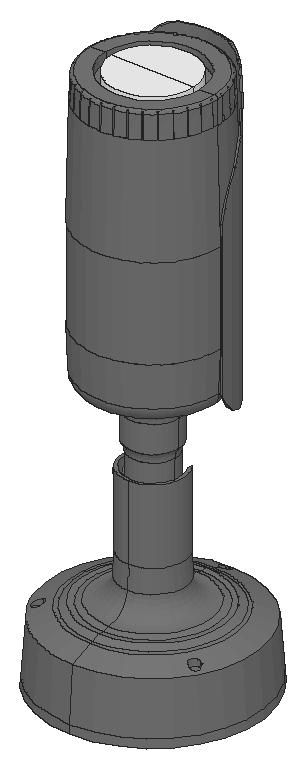
Revit family "Camera-Security-HanhwaTechwin-Bullet-Wisenet X-XNO-6120R_mm", category Security Devices, host Face, Revit 2020
Family settings
  Host = Face
  Maintain Annotation Orientation = No
  Round Connector Dimension = Use Diameter
  Part Type = Normal
  OmniClass Number = 23.85.30.17.14
  OmniClass Title = Video Surveillance
  Cut with Voids When Loaded = No
  Shared = No
  Room Calculation Point = No
Parameters (values of type "Standard")
  zz Length 3 [instance] = if(1 = 1, View Distance + 38.887 mm, View Distance + 38.887 mm)  # 953.287 mm
  zz Length 2 [instance] = tan(Field of View Horizontal Actual / 2) * View Distance  # 471.755 mm
  zz Length 1 [instance] = tan(Field of View Vertical Actual / 2) * View Distance  # 263.842 mm
  zz Angle 4 [instance] = if(1 = 1, Camera Shield Rotation Desired, Camera Shield Rotation Desired)  # 0.00°
  zz Angle 3 [instance] = Camera Tilt Actual + 90.00°  # 90.00°
  zz Angle 2 [instance] = 90.00° - Camera Shield Rotation Desired  # 90.00°
  zz Angle 1 [instance] = if(1 = 1, Camera Base Rotation Desired + 270.00°, Camera Base Rotation Desired + 270.00°)  # 270.00°
  WiseStreamII = "Support"  # constant formula
  Wide Dynamic Range = "150 dB"  # constant formula
  White Balance = "ATW / AWC / Manual / Indoor / Outdoor (Included Mercury & Sodium)"  # constant formula
  Weight = "0.995Kg (2.19lb)"
  Webpage Language = "English, Korean, Chinese, French, Italian, Spanish, German, Japanese,\r\nRussian, Swedish, Portuguese, Czech, Polish, Turkish, Dutch, Hungarian, Greek"  # constant formula
  Web Viewer = "Supported OS : Windows 7, 8.1, 10, Mac OS X 10.10. 10.11 10.12\r\nNon-Plugin Web Viewer\r\nSupported Browser : Google Chrome 56, MS Edge 39, Mozilla Firefox 49\r\n(Window 64bit only), Apple Safari 10 (Mac OS X only)\r\nPlug-in Web Viewer\r\nSupported Browser : MS Explore 11, Apple Safari 10 (Mac OS X only)"  # constant formula
  WarrantyStartDate [instance] = "1900-12-31T23:59:59"
  WarrantyGuarantorParts = ""
  WarrantyGuarantorLabor = ""
  WarrantyDurationUnit = "year"
  WarrantyDurationParts = ""
  WarrantyDurationLabor = ""
  WarrantyDescription = ""
  Voltage DC = "12V"  # constant formula
  Voltage AC = "24V"  # constant formula
  Voltage [instance] = 12 V
  View Distance [instance] = 914.4 mm
  Video Quality Adjustment = "H.265 / H.264 : MJPEG : Target bitrate level control"  # constant formula
  Video Out = "CVBS : 1.0 Vp-p / 75Ω Composite, 720 x 480(N), 720 x 576(P), for Installation\r\nUSB : Micro USB Type B, 1280 x 720, for Installation"  # constant formula
  Video Compression Format = "H.265 / H.264 (MPEG-4 part 10/AVC) : Main / Baseline / High, MJPEG"  # constant formula
  Video & Audio Analytics = "Tampering, Loitering, Directional detection, Defocus Detection, Fog Detection,\r\nVirtual Line, Enter / Exit, (Dis)Appear, Audio detection, Face detection, Motion\r\ndetection, Sound Classification"  # constant formula
  Version = "1"
  Unit Conversion [instance] = 1000 mm
  Uniclass2 = "Pr_60_75_05_22"
  URL = "https://www.hanwha-security.com"
  Total Pixels = "1,945(H) x 1,109(V) 2.16M"  # constant formula
  TagNumber (default) [instance] = ""
  SustainabilityPerformance = ""
  Streaming Method = "Unicast / Multicast"  # constant formula
  Streaming Capability = "Multiple streaming (Up to 10 profiles)"  # constant formula
  Storage Temperature / Humidity = "-50°C ~ +60°C (-58°F ~ +140°F) / Less than 90% RH"  # constant formula
  Smart Codec = "Manual mode (Area-based : 5ea)"  # constant formula
  Size = "Ø147.5 x 368.6.mm (Ø5.81\" x 14.51\") (Without sunshield)"
  Shape = "Bullet"
  SerialNumber (default) = ""
  Security = "HTTPS (SSL) Login Authentication, Digest Login Authentication IP address filtering, User access log, 802.1X Authentication (EAP-TLS, EAP-LEAP)"  # constant formula
  Scanning System = "Progressive"  # constant formula
  S / N Ratio = "50 dB"  # constant formula
  Revision = ""
  Resolution = "1920 x 1080, 1280 x 1024, 1280 x 960, 1280 x 720, 1024 x 768, 800 x 600,\r\n800 x 448, 720 x 576, 720 x 480, 640 x 480, 640 x 360, 320 x 240"  # constant formula
  ReplacementCost = "Ø147.5 (Ø5.81\")"
  Protocol = "TCP/IP, UDP/IP, RTP (UDP), RTP (TCP), RTCP,RTSP, NTP, HTTP, HTTPS, SSL/TLS, DHCP, PPPoE, FTP, SMTP,\r\nICMP, IGMP, SNMPv1/v2c/v3 (MIB-2), ARP, DNS, DDNS, QoS, PIM-SM, UPnP, Bonjour"  # constant formula
  ProductInformation = ""
  Product Page URL [instance] = "https://www.hanwha-security.com/ko/products/camera/network/bullet/XNO-6120R/overview/"
  Product Material = Aluminum - HanwhaTechwin - Dark Gray
  Product Documentation Link = "https://www.hanwha-security.com/ko/products/camera/network/bullet/XNO-6120R/overview/"
  Privacy Masking = "Off / On (32ea, Rectangle zones) - Color : Grey / Green / Red / Blue / Black / White - Mosaic"  # constant formula
  Power Consumption = "24V AC : Max 14.5W, 12V DC : Max 12.5W, PoE : Max 12.95W"  # constant formula
  Pixel Counter = "Support"  # constant formula
  Operating Temperature / Humidity = "-40°C ~ +55°C (-40°F ~ +131°F) / Less than 90% RH * Start up should be done at above -35°C (-31°F)"  # constant formula
  NominalWidth = "Ø147.5 (Ø5.81\")"
  NominalLength = "368.6.mm (14.51\")"
  NominalHeight = ""
  Name = "XNO-6120R"
  NBSTypeID = ""
  NBSReference = ""
  NBSOfficeMasterTag = ""
  NBSNote = ""
  NBSDescription = ""
  NBSCertification = ""
  Mount Type = "Board-in Type"  # constant formula
  Motion Detection = "Off / On (8ea, 8Point polygonal zones), Handover"  # constant formula
  ModelReference = "HanwhaTechwin"
  ModelNumber = "XNO-6120R"
  Model = "XNO-6120R"  # constant formula
  Min. Object Distance = "1.5m (4.92ft)"  # constant formula
  Min. Illumination = "Color : 0.03 Lux (F1.6, 1/30sec), B/W : 0Lux (IR LED on)"  # constant formula
  Megapixels = "2"  # constant formula
  Maximum Framerate = "H.265 / H.264 : Max. 60fps at all resolutions, MJPEG : Max. 30fps at all resolutions"  # constant formula
  Max. User Access = "20 users at unicast mode"  # constant formula
  Max. Aperture Ratio = "F1.6(Wide) ~ F3.0(Tele)"  # constant formula
  Max Resolution [instance] = 1920
  Material = "Aluminum"
  ManufacturerURL = "http://security.hanwhatechwin.com/"
  ManufacturerName = "HanwhaTechwin"
  Manufacturer = "Hanwha Techwin"  # constant formula
  Lens Type = "DC auto iris, P-Iris"  # constant formula
  LDC (Lens Distortion Correction) = "Off / On (5 Levels with Min / Max)"  # constant formula
  InstallationDate (default) [instance] = "1900-12-31T23:59:59"
  Input Vooltage / Current = "24V AC, 12V DC, PoE (IEEE802.3af Class3)"  # constant formula
  Ingress Protection / Vandal Resistance = "IP67, IP66, NEMA 4X / IK10"  # constant formula
  IR Viewable Length = "70m (229.66ft)"  # constant formula
  IP = "IPv4, IPv6"  # constant formula
  Grade = ""
  Gain Control = "Off / Low / Middle / High"  # constant formula
  Focus Control = "Simple focus (Motorized V/F) / Manual, Remote control via network (Manual, Simple focus)"  # constant formula
  Focal Length Actual [instance] = if(Focal Length > 62.4 mm, 62.4 mm, if(Focal Length < 5.2 mm, 5.2 mm, Focal Length))  # 5.2 mm
  Focal Length (Zoom Ratio) = "5.2 ~ 62.4mm (Optical 12X)"  # constant formula
  Focal Length [instance] = 5.2 mm
  FoV Hide Check [instance] = FoV Hide Check
  FoV Cross Check [instance] = FoV Cross Check
  Finish = ""
  Field of View_Recognize [instance] = Field of View - Recognize
  Field of View_Observe [instance] = Field of View - Observe
  Field of View_Identify [instance] = Field of View - Identify
  Field of View_Detect [instance] = Field of View - Detect
  Field of View is Visible_DORI [instance] = no
  Field of View is Visible [instance] = no
  Field of View Vertical Actual [instance] = 32.19° + (32.19° - 3.00°) / (62.4 mm - 5.2 mm) * (Focal Length Actual - 5.2 mm)  # 32.19°
  Field of View Horizontal Actual [instance] = 54.58° + (5.30° - 54.58°) / (62.4 mm - 5.2 mm) * (Focal Length Actual - 5.2 mm)  # 54.58°
  Field of View Diagonal Actual [instance] = 61.40° + (6.06° - 61.40°) / (62.4 mm - 5.2 mm) * (Focal Length Actual - 5.2 mm)  # 61.40°
  Field of View [instance] = Field of View
  Features = "Max. 2Megapixel (1920 x 1080) resolution\r\n• 5.2 ~ 62.4mm (Optical 12X) Optical Lens\r\n• Max. 60fps@all resolutions (H.265 / H.264)"
  ExpectedLife = ""
  Ethernet = "RJ-45 (10/100BASE-T)"  # constant formula
  Electronic Shutter Speed = "Minimum / Maximum / Anti Flicker (2 ~ 1/12,000sec)"  # constant formula
  Effective Pixels = "1,945(H) x 1,097(V) 2.13M"  # constant formula
  Edge Storage = "SD / SDHC / SDXC 2Slot (Up to 512GB) - Continuous Recording (1st Slot to 2nd Slot)\r\n- Motion Images recorded in the SD / SDHC / SDXC Memory Card Can be Downloaded.\r\nNAS (Network Attached Storage), Local PC for Instant Recording"  # constant formula
  DurationUnit = ""
  Distance Recognize [instance] = 1 / 2 * (Max Resolution / 125) / tan(Field of View Horizontal Actual / 2) * Unit Conversion  # 14886.102 mm
  Distance Observe [instance] = 1 / 2 * (Max Resolution / 62.5) / tan(Field of View Horizontal Actual / 2) * Unit Conversion  # 29772.203 mm
  Distance Identify [instance] = 1 / 2 * (Max Resolution / 250) / tan(Field of View Horizontal Actual / 2) * Unit Conversion  # 7443.051 mm
  Distance Detect [instance] = 1 / 2 * (Max Resolution / 25) / tan(Field of View Horizontal Actual / 2) * Unit Conversion  # 74430.508 mm
  Digital Noise Reduction = "SSNRV (2D + 3D Noise filter) (Off / On)"  # constant formula
  Digital Image Stabilization = "Off / On (Built-in Gyro sensor)"  # constant formula
  Description = "NBS standard template for generic face-based components"  # constant formula
  Defog = "Off / Auto / Manual"  # constant formula
  Default Elevation = 1219.2 mm
  Day and Night = "Auto (ICR) / Color / B/W / External / Schedule"  # constant formula
  Contrast Enhancement = "SSDR (Off / On)"  # constant formula
  Contrast = "Level adjusment"  # constant formula
  Constituents = ""
  Color = "Dark gray"
  CodePerformance = ""
  Central Management Software = "SmartViewer"  # constant formula
  Category = "2M Network IR Bullet Camera"
  Camera Title = "Off / On (Displayed up to 85 Characters)\r\n- W/W : English / Numeric / Special Characters\r\n- China : English / Numeric / Special / Chinese Characters\r\n- Common : Multi-line (Max. 5), Color (Grey / Green / Red / Blue / Black / White),\r\nTransparency, Auto scale by Resolution"  # constant formula
  Camera Tilt Desired [instance] = 0.00°
  Camera Tilt Actual [instance] = if(Camera Tilt Desired > 75.00°, 75.00°, if(Camera Tilt Desired < 0.00°, 0.00°, Camera Tilt Desired))  # 0.00°
  Camera Shield Rotation Desired [instance] = 0.00°
  Camera Shield Rotation Actual [instance] = if(Camera Shield Rotation Desired > 355.00°, 355.00°, if(Camera Shield Rotation Desired < 0.00°, 0.00°, Camera Shield Rotation Desired))  # 0.00°
  Camera Base Rotation Actual [instance] = if(Camera Base Rotation Desired > 354.00°, 354.00°, if(Camera Base Rotation Desired < 0.00°, 0.00°, Camera Base Rotation Desired))  # 0.00°
  Camera Base Rotation Desired [instance] = 0.00°
  Bitrate Control Method = "H.265 / H.264 : CBR or VBR, MJPEG : VBR"  # constant formula
  Base Vertical Length [instance] = 5 mm
  Base Horizontal Length [instance] = 5 mm
  BarCode (default) [instance] = ""
  Backlight Compensation = "Off / BLC / HLC / WDR"  # constant formula
  BIMObjectName = "Role_Source_Type_GenericFaceBased"
  Author = ""
  Audio In and Out = "Selectable (Mic in / Line in), Supply Voltage : 2.5V DC (4mA), Input Impedance : Approx. 2K Ohm / Line Out (3.5mm Mono Jack), Max Output Level: 1 Vrms"  # constant formula
  Audio Compression Format = "G.711 u-law/G.726 Selectable, G.726 (ADPCM) 8KHz, G.711 8KHz\r\nG.726 : 16Kbps, 24Kbps, 32Kbps, 40Kbps, AAC-LC : 48Kbps at 16KHz"  # constant formula
  Audio Communication = "Bi-directional (2-way)"  # constant formula
  AssetType = "Fixed"
  AssetIdentifier (default) [instance] = ""
  Application Programming Interface = "ONVIF Profile S/G, SUNAPI 2.0 (HTTP API), Wisenet Open Platform"  # constant formula
  Angular Field of View [instance] = "H : 54.58˚(Wide) ~ 5.30˚(Tele) / V : 32.19˚(Wide) ~ 3.00˚(Tele) / D : 61.40˚(Wide) ~ 6.06˚(Tele)"
  Alarm Triggers = "Alarm Input, Motion detection, Video & Audio Analytics, Network disconnect"  # constant formula
  Alarm Input and Output = "Input 1ea / Output 1ea"  # constant formula
  Alarm Events = "File Upload Via FTP, E-mail, Notification via e-mail, Local Storage (SD / SDHC /\r\nSDXC) or NAS recording at event triggers, External output, Preset"  # constant formula
  AccessibilityPerformance = ""
Reference planes
  plane 1 "Center (Front/Back)": y = 0
  plane 2: z = 0
  plane 3 "Center (Left/Right)": x = 0
  plane 4: z = 80.707
  plane 5: z = 130.7
  plane 6: y = -20.856
  plane 7: y = 20.856
  plane 8: y = -69.799
  plane 9: y = 69.799
  plane 10: z = 50.511
  plane 11: y = -36.772
  plane 12: z = 40.36
  plane 13: x = -11
  plane 14: x = 11
  plane 15: x = -13
  plane 16: x = 13
  plane 17: z = 121.7
  plane 18: x = 45.5
  plane 19: z = 348.298
  plane 20: z = 170.3
  plane 21 "1": x = 0
  plane 22: z = 351.3
  plane 23: z = 371.6
  plane 24: z = 172.7
  plane 25: z = 373.6
  plane 26: z = 368.6
Forms (mm)
  Revolve 1, solid, material "Aluminum - HanwhaTechwin - Dark Gray" <- "Product Material"
    sketch origin (0, 0, -3) x (0, 1, 0) y (0, 0, 1)
      loop
        line (0, 3) -> (0, 83.707) -> (-20.5, 83.707) -> (-21.041, 68.197)
        arc (-21.041, 68.197) -> (-26.016, 57.454) -> (-37.179, 53.511) r 15.244
        line (-37.179, 53.511) -> (-41.435, 52.4) -> (-45.2, 52.4) -> (-50.084, 50.078)
        arc (-50.084, 50.078) -> (-51.262, 49.663) -> (-52.5, 49.5) r 6
        line (-52.5, 49.5) -> (-66.971, 43.36) -> (-69.465, 8.572) -> (-69.806, 3) -> (0, 3)
      axis (0, 3) -> (0, 83.707)
    angle from 0 to 360
  Extrusion 2, solid, material "Aluminum - HanwhaTechwin - Dark Gray" <- "Product Material"
    sketch origin (0, 0, 121.7) x (0, -1, 0) y (1, 0, 0)
      loop
        circle (0, 0) r 20.5
      loop
        circle (0, 0) r 18.5
    from -40.993 to 9
  Revolve 3, solid, material "Aluminum - HanwhaTechwin - Dark Gray" <- "Product Material"
    sketch origin (0, 0, 113.876) x (0, 0, 1) y (-1, 0, 0)
      loop
        line (254.783, -31.823) -> (248.374, -31.823) -> (248.374, 0) -> (-5.176, 0) -> (-5.176, -15) -> (27.01, -15)
        arc (27.01, -15) -> (30.545, -15.646) -> (33.624, -17.5) r 10
        line (33.624, -17.5) -> (51.798, -17.5)
        arc (51.798, -17.5) -> (59.147, -20.013) -> (63.417, -26.5) r 12
        line (63.417, -26.5) -> (63.417, -30.8) -> (64.917, -31.8) -> (66.424, -31.8) -> (66.424, -34.694)
        arc (66.424, -34.694) -> (69.261, -41.672) -> (76.162, -44.691) r 10
        line (76.162, -44.691) -> (103.362, -45.5) -> (164.764, -45.5) -> (237.833, -44) -> (252.833, -43.5)
        arc (252.833, -43.5) -> (254.055, -42.741) -> (254.783, -41.5) r 3
        line (254.783, -41.5) -> (254.783, -31.823)
      axis (254.783, 0) -> (-5.176, 0)
    angle from 0 to 360
  Revolve 4, solid, material "Plastic - HanwhaTechwin - Sun-Shield", detail levels medium+fine
    sketch origin (0, 0, 121.7) x (0, 0, 1) y (-1, 0, 0)
      loop
        line (246.9, 0) -> (240.55, 0) -> (240.55, -27.523) -> (246.9, -27.523) -> (246.9, 0)
      axis (246.9, 0) -> (240.55, 0)
    angle from 0 to 360
  Extrusion 5, solid, material "Aluminum - HanwhaTechwin - Dark Gray" <- "Product Material"
    sketch origin (0, 0, 368.6) x (1, 0, 0) y (0, 1, 0)
      loop
        arc (47, 0) -> (0, 47) -> (-47, 0) r 47
        line (-47, 0) -> (-46, 0)
        arc (-46, 0) -> (0, 46) -> (46, 0) r 46
        line (46, 0) -> (47, 0)
    from -195.9 to 5
  Extrusion 6, solid, material "Aluminum - HanwhaTechwin - Dark Gray" <- "Product Material"
    sketch origin (0, 0, 368.6) x (1, 0, 0) y (0, 0, 1)
      loop
        circle (0, -147.912) r 9.144
    from -51.179 to -40.172
  Extrusion 7, solid, material "Aluminum - HanwhaTechwin - Dark Gray" <- "Product Material"
    sketch origin (0, 0, 368.6) x (1, 0, 0) y (0, 0, 1)
      loop
        line (6, -135.9) -> (-6, -135.9)
        arc (-6, -135.9) -> (-9.536, -137.364) -> (-11, -140.9) r 5
        line (-11, -140.9) -> (-11, -170.9)
        arc (-11, -170.9) -> (-9.536, -174.436) -> (-6, -175.9) r 5
        line (-6, -175.9) -> (6, -175.9)
        arc (6, -175.9) -> (9.536, -174.436) -> (11, -170.9) r 5
        line (11, -170.9) -> (11, -140.9)
        arc (11, -140.9) -> (9.536, -137.364) -> (6, -135.9) r 5
      loop
        arc (13, -140.9) -> (10.95, -135.95) -> (6, -133.9) r 7
        line (6, -133.9) -> (-6, -133.9)
        arc (-6, -133.9) -> (-10.95, -135.95) -> (-13, -140.9) r 7
        line (-13, -140.9) -> (-13, -170.9)
        arc (-13, -170.9) -> (-10.95, -175.85) -> (-6, -177.9) r 7
        line (-6, -177.9) -> (6, -177.9)
        arc (6, -177.9) -> (10.95, -175.85) -> (13, -170.9) r 7
        line (13, -170.9) -> (13, -140.9)
    from -47.498 to -40.172
  Extrusion 8, void
    sketch origin (0, 0, 121.7) x (0, 0, -1) y (0, 1, 0)
      loop
        line (-51, 0) -> (-51, 18.005)
        arc (-51, 18.005) -> (-56.856, 6.96) -> (-67.24, 0) r 25.625
        line (-67.24, 0) -> (-51, 0)
      loop
        arc (-244.082, 35.86) -> (-248.68, 38.749) -> (-251.9, 43.121) r 14.566
        line (-251.9, 43.121) -> (-251.9, 0) -> (-170.966, 0)
        arc (-170.966, 0) -> (-186.016, 4.379) -> (-199.124, 12.971) r 52.951
        arc (-199.124, 12.971) -> (-221, 25.6) -> (-244.082, 35.86) r 240.09
    from -48 to 48
  Extrusion 9, void
    sketch origin (0, -31.75, 121.7) x (0, 0, -1) y (-1, 0, 0)
      loop
        line (-9, 15.5) -> (-9, -15.5) -> (18.5, -15.5)
        arc (18.5, -15.5) -> (34, 0) -> (18.5, 15.5) r 15.5
        line (18.5, 15.5) -> (-9, 15.5)
    from 31.75 to 71.922
  Extrusion 10, void
    sketch origin (0, 3.82, 50) x (0, -1, 0) y (-1, 0, 0)
      loop
        circle (-57.1, 0) r 4.001
      loop
        circle (34.32, 52.8) r 4.001
      loop
        circle (34.32, -52.8) r 4.001
    from 9.982 to 0
  Extrusion 11, solid, material "Aluminum - HanwhaTechwin - Dark Gray" <- "Product Material"
    sketch origin (0, 0, 110.587) x (0, -1, 0) y (0, 0, 1)
      loop
        circle (0, 10.68) r 3.81
    from 23.847 to -17.03
  Extrusion 12, void
    sketch origin (0, 0, 177.293) x (0, -1, 0) y (1, 0, 0)
      loop
        line (42.672, -0.5) -> (45.5, -0.5) -> (45.5, 0.5) -> (42.672, 0.5) -> (42.672, -0.5)
    from 191.366 to 174.416
  Extrusion 13, void
    sketch origin (0, 0, 177.293) x (-0.18375, -0.982973, 0) y (0.982973, -0.18375, 0)
      loop
        line (42.672, -0.5) -> (45.5, -0.5) -> (45.5, 0.5) -> (42.672, 0.5) -> (42.672, -0.5)
    from 191.31 to 174.416
  Extrusion 14, void
    sketch origin (0, 0, 177.293) x (0.18375, -0.982973, 0) y (0.982973, 0.18375, 0)
      loop
        line (42.672, -0.5) -> (45.5, -0.5) -> (45.5, 0.5) -> (42.672, 0.5) -> (42.672, -0.5)
    from 191.31 to 174.416
  Extrusion 15, void
    sketch origin (0, 0, 177.293) x (0.361242, -0.932472, 0) y (0.932472, 0.361242, 0)
      loop
        line (42.672, -0.5) -> (45.5, -0.5) -> (45.5, 0.5) -> (42.672, 0.5) -> (42.672, -0.5)
    from 191.31 to 174.416
  Extrusion 16, void
    sketch origin (0, 0, 177.293) x (0.526432, -0.850217, 0) y (0.850217, 0.526432, 0)
      loop
        line (42.672, -0.5) -> (45.5, -0.5) -> (45.5, 0.5) -> (42.672, 0.5) -> (42.672, -0.5)
    from 191.31 to 174.416
  Extrusion 17, void
    sketch origin (0, 0, 177.293) x (0.673696, -0.739009, 0) y (0.739009, 0.673696, 0)
      loop
        line (42.672, -0.5) -> (45.5, -0.5) -> (45.5, 0.5) -> (42.672, 0.5) -> (42.672, -0.5)
    from 191.31 to 174.416
  Extrusion 18, void
    sketch origin (0, 0, 177.293) x (0.798017, -0.602635, 0) y (0.602635, 0.798017, 0)
      loop
        line (42.672, -0.5) -> (45.5, -0.5) -> (45.5, 0.5) -> (42.672, 0.5) -> (42.672, -0.5)
    from 191.31 to 174.416
  Extrusion 19, void
    sketch origin (0, 0, 177.293) x (0.895163, -0.445738, 0) y (0.445738, 0.895163, 0)
      loop
        line (42.672, -0.5) -> (45.5, -0.5) -> (45.5, 0.5) -> (42.672, 0.5) -> (42.672, -0.5)
    from 191.31 to 174.416
  Extrusion 20, void
    sketch origin (0, 0, 177.293) x (0.961826, -0.273663, 0) y (0.273663, 0.961826, 0)
      loop
        line (42.672, -0.5) -> (45.5, -0.5) -> (45.5, 0.5) -> (42.672, 0.5) -> (42.672, -0.5)
    from 191.31 to 174.416
  Extrusion 21, void
    sketch origin (0, 0, 177.293) x (0.995734, -0.092268, 0) y (0.092268, 0.995734, 0)
      loop
        line (42.672, -0.5) -> (45.5, -0.5) -> (45.5, 0.5) -> (42.672, 0.5) -> (42.672, -0.5)
    from 191.31 to 174.416
  Extrusion 22, void
    sketch origin (0, 0, 177.293) x (0.995734, 0.092268, 0) y (-0.092268, 0.995734, 0)
      loop
        line (42.672, -0.5) -> (45.5, -0.5) -> (45.5, 0.5) -> (42.672, 0.5) -> (42.672, -0.5)
    from 191.31 to 174.416
  Extrusion 23, void
    sketch origin (0, 0, 177.293) x (0.961826, 0.273663, 0) y (-0.273663, 0.961826, 0)
      loop
        line (42.672, -0.5) -> (45.5, -0.5) -> (45.5, 0.5) -> (42.672, 0.5) -> (42.672, -0.5)
    from 191.31 to 174.416
  Extrusion 24, void
    sketch origin (0, 0, 177.293) x (0.895163, 0.445738, 0) y (-0.445738, 0.895163, 0)
      loop
        line (42.672, -0.5) -> (45.5, -0.5) -> (45.5, 0.5) -> (42.672, 0.5) -> (42.672, -0.5)
    from 191.31 to 174.416
  Extrusion 25, void
    sketch origin (0, 0, 177.293) x (0.798017, 0.602635, 0) y (-0.602635, 0.798017, 0)
      loop
        line (42.672, -0.5) -> (45.5, -0.5) -> (45.5, 0.5) -> (42.672, 0.5) -> (42.672, -0.5)
    from 191.31 to 174.416
  Extrusion 26, void
    sketch origin (0, 0, 177.293) x (0.673696, 0.739009, 0) y (-0.739009, 0.673696, 0)
      loop
        line (42.672, -0.5) -> (45.5, -0.5) -> (45.5, 0.5) -> (42.672, 0.5) -> (42.672, -0.5)
    from 191.31 to 174.416
  Extrusion 27, void
    sketch origin (0, 0, 177.293) x (0.526432, 0.850217, 0) y (-0.850217, 0.526432, 0)
      loop
        line (42.672, -0.5) -> (45.5, -0.5) -> (45.5, 0.5) -> (42.672, 0.5) -> (42.672, -0.5)
    from 191.31 to 174.416
  Extrusion 28, void
    sketch origin (0, 0, 177.293) x (0.361242, 0.932472, 0) y (-0.932472, 0.361242, 0)
      loop
        line (42.672, -0.5) -> (45.5, -0.5) -> (45.5, 0.5) -> (42.672, 0.5) -> (42.672, -0.5)
    from 191.31 to 174.416
  Extrusion 29, void
    sketch origin (0, 0, 177.293) x (0.18375, 0.982973, 0) y (-0.982973, 0.18375, 0)
      loop
        line (42.672, -0.5) -> (45.5, -0.5) -> (45.5, 0.5) -> (42.672, 0.5) -> (42.672, -0.5)
    from 191.31 to 174.416
  Extrusion 30, void
    sketch origin (0, 0, 177.293) x (0, 1, 0) y (-1, 0, 0)
      loop
        line (42.672, -0.5) -> (45.5, -0.5) -> (45.5, 0.5) -> (42.672, 0.5) -> (42.672, -0.5)
    from 191.31 to 174.416
  Extrusion 31, void
    sketch origin (0, 0, 177.293) x (-0.18375, 0.982973, 0) y (-0.982973, -0.18375, 0)
      loop
        line (42.672, -0.5) -> (45.5, -0.5) -> (45.5, 0.5) -> (42.672, 0.5) -> (42.672, -0.5)
    from 191.31 to 174.416
  Extrusion 32, void
    sketch origin (0, 0, 177.293) x (-0.361242, 0.932472, 0) y (-0.932472, -0.361242, 0)
      loop
        line (42.672, -0.5) -> (45.5, -0.5) -> (45.5, 0.5) -> (42.672, 0.5) -> (42.672, -0.5)
    from 191.31 to 174.416
  Extrusion 33, void
    sketch origin (0, 0, 177.293) x (-0.526432, 0.850217, 0) y (-0.850217, -0.526432, 0)
      loop
        line (42.672, -0.5) -> (45.5, -0.5) -> (45.5, 0.5) -> (42.672, 0.5) -> (42.672, -0.5)
    from 191.31 to 174.416
  Extrusion 34, void
    sketch origin (0, 0, 177.293) x (-0.673696, 0.739009, 0) y (-0.739009, -0.673696, 0)
      loop
        line (42.672, -0.5) -> (45.5, -0.5) -> (45.5, 0.5) -> (42.672, 0.5) -> (42.672, -0.5)
    from 191.31 to 174.416
  Extrusion 35, void
    sketch origin (0, 0, 177.293) x (-0.798017, 0.602635, 0) y (-0.602635, -0.798017, 0)
      loop
        line (42.672, -0.5) -> (45.5, -0.5) -> (45.5, 0.5) -> (42.672, 0.5) -> (42.672, -0.5)
    from 191.31 to 174.416
  Extrusion 36, void
    sketch origin (0, 0, 177.293) x (-0.895163, 0.445738, 0) y (-0.445738, -0.895163, 0)
      loop
        line (42.672, -0.5) -> (45.5, -0.5) -> (45.5, 0.5) -> (42.672, 0.5) -> (42.672, -0.5)
    from 191.31 to 174.416
  Extrusion 37, void
    sketch origin (0, 0, 177.293) x (-0.961826, 0.273663, 0) y (-0.273663, -0.961826, 0)
      loop
        line (42.672, -0.5) -> (45.5, -0.5) -> (45.5, 0.5) -> (42.672, 0.5) -> (42.672, -0.5)
    from 191.31 to 174.416
  Extrusion 38, void
    sketch origin (0, 0, 177.293) x (-0.995734, 0.092268, 0) y (-0.092268, -0.995734, 0)
      loop
        line (42.672, -0.5) -> (45.5, -0.5) -> (45.5, 0.5) -> (42.672, 0.5) -> (42.672, -0.5)
    from 191.31 to 174.416
  Extrusion 39, void
    sketch origin (0, 0, 177.293) x (-0.995734, -0.092268, 0) y (0.092268, -0.995734, 0)
      loop
        line (42.672, -0.5) -> (45.5, -0.5) -> (45.5, 0.5) -> (42.672, 0.5) -> (42.672, -0.5)
    from 191.307 to 174.416
  Extrusion 40, void
    sketch origin (0, 0, 177.293) x (-0.961826, -0.273663, 0) y (0.273663, -0.961826, 0)
      loop
        line (42.672, -0.5) -> (45.5, -0.5) -> (45.5, 0.5) -> (42.672, 0.5) -> (42.672, -0.5)
    from 191.31 to 174.416
  Extrusion 41, void
    sketch origin (0, 0, 177.293) x (-0.895163, -0.445738, 0) y (0.445738, -0.895163, 0)
      loop
        line (42.672, -0.5) -> (45.5, -0.5) -> (45.5, 0.5) -> (42.672, 0.5) -> (42.672, -0.5)
    from 191.31 to 174.416
  Extrusion 42, void
    sketch origin (0, 0, 177.293) x (-0.798017, -0.602635, 0) y (0.602635, -0.798017, 0)
      loop
        line (42.672, -0.5) -> (45.5, -0.5) -> (45.5, 0.5) -> (42.672, 0.5) -> (42.672, -0.5)
    from 191.31 to 174.416
  Extrusion 43, void
    sketch origin (0, 0, 177.293) x (-0.673696, -0.739009, 0) y (0.739009, -0.673696, 0)
      loop
        line (42.672, -0.5) -> (45.5, -0.5) -> (45.5, 0.5) -> (42.672, 0.5) -> (42.672, -0.5)
    from 191.31 to 174.416
  Extrusion 44, void
    sketch origin (0, 0, 177.293) x (-0.526432, -0.850217, 0) y (0.850217, -0.526432, 0)
      loop
        line (42.672, -0.5) -> (45.5, -0.5) -> (45.5, 0.5) -> (42.672, 0.5) -> (42.672, -0.5)
    from 191.31 to 174.416
  Extrusion 45, void
    sketch origin (0, 0, 177.293) x (-0.361242, -0.932472, 0) y (0.932472, -0.361242, 0)
      loop
        line (42.672, -0.5) -> (45.5, -0.5) -> (45.5, 0.5) -> (42.672, 0.5) -> (42.672, -0.5)
    from 191.31 to 174.416
Cuts and joins
  Extrusion 12, Extrusion 13, Extrusion 14, Extrusion 15, Extrusion 16, Extrusion 17, Extrusion 18, Extrusion 19, Extrusion 20, Extrusion 21, Extrusion 22, Extrusion 23, Extrusion 24, Extrusion 25, Extrusion 26, Extrusion 27, Extrusion 28, Extrusion 29, Extrusion 30, Extrusion 31, Extrusion 32, Extrusion 33, Extrusion 34, Extrusion 35, Extrusion 36, Extrusion 37, Extrusion 38, Extrusion 39, Extrusion 40, Extrusion 41, Extrusion 42, Extrusion 43, Extrusion 44, Extrusion 45 cuts Revolve 3
  Extrusion 8, Extrusion 9, Extrusion 13, Extrusion 14, Extrusion 15, Extrusion 16, Extrusion 17, Extrusion 18, Extrusion 19, Extrusion 20, Extrusion 21, Extrusion 22, Extrusion 23, Extrusion 24, Extrusion 25, Extrusion 26, Extrusion 27, Extrusion 28, Extrusion 29, Extrusion 30, Extrusion 31, Extrusion 32, Extrusion 33, Extrusion 34, Extrusion 35, Extrusion 36, Extrusion 37, Extrusion 38, Extrusion 39, Extrusion 40, Extrusion 41, Extrusion 42, Extrusion 43, Extrusion 44, Extrusion 45 cuts Extrusion 5
  Extrusion 9, Extrusion 13, Extrusion 14, Extrusion 15, Extrusion 16, Extrusion 17, Extrusion 18, Extrusion 19, Extrusion 20, Extrusion 21, Extrusion 22, Extrusion 23, Extrusion 24, Extrusion 25, Extrusion 26, Extrusion 27, Extrusion 28, Extrusion 29, Extrusion 30, Extrusion 31, Extrusion 32, Extrusion 33, Extrusion 34, Extrusion 35, Extrusion 36, Extrusion 37, Extrusion 38, Extrusion 39, Extrusion 40, Extrusion 41, Extrusion 42, Extrusion 43, Extrusion 44, Extrusion 45 cuts Extrusion 6
  Extrusion 9, Extrusion 13, Extrusion 14, Extrusion 15, Extrusion 16, Extrusion 17, Extrusion 18, Extrusion 19, Extrusion 20, Extrusion 21, Extrusion 22, Extrusion 23, Extrusion 24, Extrusion 25, Extrusion 26, Extrusion 27, Extrusion 28, Extrusion 29, Extrusion 30, Extrusion 31, Extrusion 32, Extrusion 33, Extrusion 34, Extrusion 35, Extrusion 36, Extrusion 37, Extrusion 38, Extrusion 39, Extrusion 40, Extrusion 41, Extrusion 42, Extrusion 43, Extrusion 44, Extrusion 45 cuts Extrusion 7
  joined: Revolve 3, Extrusion 5, Extrusion 6, Extrusion 7
  Extrusion 9 cuts Extrusion 2
  joined: Extrusion 2, Extrusion 11
  Extrusion 10 cuts Revolve 1
Lines and regions (mm)
  reference lines
    curve 1: line (0, 0, 121.7) -> (0, -31.75, 121.7)
    curve 2: line (0, 0, 121.7) -> (0, 0, 368.6)
    curve 3: line (0, 0, 368.6) -> (73.56, 0, 368.6)
    curve 4: line (0, 0, 211.193) -> (40.695, 0, 211.193)
    curve 5: line (0, 0, 188.193) -> (40.695, 0, 188.193)
    curve 6: line (17.5, 0, 150.012) -> (17.5, 0, 368.6)
    curve 7: line (15, 0, 150.012) -> (15, 0, 368.6)
    curve 8: line (0, 0, 196.574) -> (40.695, 0, 196.574)
    curve 9: line (27.523, 0, 150.012) -> (27.523, 0, 368.6)
    curve 10: line (40.695, 0, 181.393) -> (0, 0, 181.393)
    curve 11: line (0, 0, 150.012) -> (40.695, 0, 150.012)
    curve 12: line (0, 0, 368.6) -> (40.695, 0, 368.6)
    curve 13: line (27.523, 0, 362.25) -> (0, 0, 362.25)
    curve 14: line (0, 0, 368.6) -> (0, -12.7, 368.6)
    curve 15: line (0, 0, 368.6) -> (-12.7, 0, 368.6)
Dimensions and locks
  equal spacing: plane 6, plane 1 "Center (Front/Back)", plane 7  (x2)
  equal spacing: plane 8, plane 1 "Center (Front/Back)", plane 9  (x2)
  locked: curve 12 to curve 12
  locked: curve 2 to curve 12
  plane 8 to plane 9 = 139.598 mm
  locked: plane 6 to plane 7 at 41.713
  locked: plane 11 to plane 1 "Center (Front/Back)" at 36.772
  locked: curve 1 to curve 2
  plane 1 "Center (Front/Back)" to plane 8 = 69.799 mm
  Revolve 3 sketch curve to Revolve 3 sketch curve = 45.5 mm
  Extrusion 5 sketch curve to Extrusion 5 sketch curve = 1 mm  (x2)
  plane 26 to level = 368.6 mm
  plane 26 to plane 24 to level = 195.9 mm, 172.7 mm
  level to plane 10 to plane 5 to plane 24 = 50.511 mm, 80.189 mm, 42 mm
  plane 9 to plane 8 = 139.598 mm
  radius of Extrusion 5 sketch curve = 47 mm
  radius of Extrusion 5 sketch curve = 46 mm
  "zz Angle 1": angle curve 1 to plane 1 "Center (Front/Back)"
  "zz Angle 3": angle curve 1 to curve 2
  "zz Angle 4": angle curve 3 to curve 12
  "zz Angle 2": angle curve 14 to curve 3
  aligned and locked: plane 2 to host face
  aligned and locked: level to host face
  aligned and locked: Extrusion 2 to plane 4
  aligned and locked: plane 5 to Extrusion 2
  aligned and locked: plane 1 "Center (Front/Back)" to curve 1
  aligned and locked: plane 3 "Center (Left/Right)" to curve 1
  aligned and locked: Revolve 4 sketch curve to curve 9
  aligned and locked: Revolve 4 sketch curve to curve 13
  aligned and locked: Revolve 4 sketch curve to curve 3
  aligned and locked: plane 3 "Center (Left/Right)" to plane 21 "1"
  aligned and locked: Revolve 3 to Extrusion 12
  aligned and locked: Extrusion 12 to cut or joined group of Revolve 3, Extrusion 5, Extrusion 6, Extrusion 7, Extrusion 8, Extrusion 9, Extrusion 12, Extrusion 13, Extrusion 14, Extrusion 15, Extrusion 16, Extrusion 17, Extrusion 18, Extrusion 19, Extrusion 20, Extrusion 21, Extrusion 22, Extrusion 23, Extrusion 24, Extrusion 25, Extrusion 26, Extrusion 27, Extrusion 28, Extrusion 29, Extrusion 30, Extrusion 31, Extrusion 32, Extrusion 33, Extrusion 34, Extrusion 35, Extrusion 36, Extrusion 37, Extrusion 38, Extrusion 39, Extrusion 40, Extrusion 41, Extrusion 42, Extrusion 43, Extrusion 44, Extrusion 45
Automatic sketch dimensions
  host sketch curve to host sketch curve = 155.045 mm
  host sketch curve to host sketch curve = 168.147 mm
  Revolve 4 sketch curve to curve 2 = 0 mm  (x2)
  Revolve 4 sketch curve to Revolve 4 sketch curve = 0 mm  (x2)
  Extrusion 11 sketch curve to curve 1 = 0 mm
  Extrusion 11 sketch curve to curve 1 = 0.432 mm
  Revolve 1 sketch curve to plane 12 = 0 mm
  Revolve 1 sketch curve to plane 10 = 0 mm
  Revolve 1 sketch curve to plane 4 = 0 mm
  Revolve 1 sketch curve to plane 1 "Center (Front/Back)" = 0 mm  (x2)
  Revolve 1 sketch curve to plane 6 = 0.357 mm
  plane 6 to Revolve 1 sketch curve = 0.185 mm
  Revolve 1 sketch curve to plane 11 = 0.496 mm
  plane 11 to Revolve 1 sketch curve = 0.407 mm
  Revolve 1 sketch curve to plane 10 = 1.111 mm
  Revolve 1 sketch curve to Revolve 1 sketch curve = 4.256 mm
  Revolve 1 sketch curve to Revolve 1 sketch curve = 3.765 mm
  Revolve 1 sketch curve to plane 10 = 3.433 mm
  Revolve 1 sketch curve to Revolve 1 sketch curve = 4.884 mm
  Revolve 1 sketch curve to plane 10 = 4.011 mm
  Revolve 1 sketch curve to Revolve 1 sketch curve = 2.416 mm
  plane 10 to Revolve 1 sketch curve = 1.987 mm
  Revolve 1 sketch curve to plane 8 = 2.828 mm
  Revolve 1 sketch curve to plane 8 = 0.334 mm
  plane 8 to Revolve 1 sketch curve = 0.007 mm
  level to Revolve 1 sketch curve = 5.572 mm
  level to Revolve 1 sketch curve = 0 mm
  Revolve 1 sketch curve to plane 4 = 15.51 mm
  Revolve 1 sketch curve to level = 66.5 mm
  plane 5 to Revolve 1 sketch curve = 10.042 mm
  curve 1 to Extrusion 2 sketch curve = 0 mm  (x2)
  Extrusion 9 sketch curve to plane 5 = 0 mm
  plane 17 to Extrusion 9 sketch curve = 18.5 mm
  Extrusion 10 sketch curve to plane 3 "Center (Left/Right)" = 0 mm
  plane 9 to Extrusion 10 sketch curve = 8.879 mm
  Extrusion 10 sketch curve to plane 11 = 6.272 mm  (x2)
  plane 15 to Extrusion 10 sketch curve = 39.8 mm
  Extrusion 10 sketch curve to plane 16 = 39.8 mm
  Extrusion 9 sketch curve to Extrusion 9 sketch curve = 15.5 mm
  curve 2 to Revolve 3 sketch curve = 0 mm  (x2)
  Revolve 3 sketch curve to curve 2 = 13 mm
  curve 2 to Revolve 3 sketch curve = 19.186 mm
  Revolve 3 sketch curve to Revolve 3 sketch curve = 6.614 mm
  Revolve 3 sketch curve to Revolve 3 sketch curve = 18.174 mm
  Revolve 3 sketch curve to Revolve 3 sketch curve = 1.5 mm
  Revolve 3 sketch curve to Revolve 3 sketch curve = 1.507 mm
  Revolve 3 sketch curve to Revolve 3 sketch curve = 9.738 mm
  Revolve 3 sketch curve to Revolve 3 sketch curve = 10 mm
  Revolve 3 sketch curve to Revolve 3 sketch curve = 27.199 mm
  Revolve 3 sketch curve to Revolve 3 sketch curve = 61.402 mm
  Revolve 3 sketch curve to curve 2 = 16.891 mm
  Revolve 3 sketch curve to curve 2 = 6.35 mm
  Revolve 3 sketch curve to curve 2 = 2.817 mm
  Revolve 3 sketch curve to curve 2 = 1.891 mm
  curve 2 to Revolve 3 sketch curve = 0.059 mm
  Revolve 3 sketch curve to Revolve 3 sketch curve = 0.809 mm
  Revolve 3 sketch curve to curve 2 = 44 mm
  Revolve 3 sketch curve to curve 2 = 43.5 mm
  Revolve 3 sketch curve to curve 2 = 41.5 mm
  Revolve 3 sketch curve to curve 2 = 31.823 mm
  Revolve 3 sketch curve to Revolve 3 sketch curve = 2.894 mm
  Revolve 3 sketch curve to Revolve 3 sketch curve = 1 mm
  Revolve 3 sketch curve to Revolve 3 sketch curve = 1.3 mm
  Revolve 3 sketch curve to Revolve 3 sketch curve = 4.5 mm
  Revolve 3 sketch curve to Revolve 3 sketch curve = 7.5 mm
  Revolve 3 sketch curve to Revolve 3 sketch curve = 131.124 mm
  curve 2 to Revolve 3 sketch curve = 74.688 mm
  Revolve 3 sketch curve to Revolve 3 sketch curve = 4.3 mm
  Extrusion 12 sketch curve to Extrusion 12 sketch curve = 1 mm
  Extrusion 12 sketch curve to Extrusion 12 sketch curve = 2.828 mm
  Extrusion 13 sketch curve to Extrusion 13 sketch curve = 1 mm
  Extrusion 13 sketch curve to Extrusion 13 sketch curve = 2.828 mm
  Extrusion 14 sketch curve to Extrusion 14 sketch curve = 1 mm
  Extrusion 14 sketch curve to Extrusion 14 sketch curve = 2.828 mm
  Extrusion 15 sketch curve to Extrusion 15 sketch curve = 1 mm
  Extrusion 15 sketch curve to Extrusion 15 sketch curve = 2.828 mm
  Extrusion 16 sketch curve to Extrusion 16 sketch curve = 1 mm
  Extrusion 16 sketch curve to Extrusion 16 sketch curve = 2.828 mm
  Extrusion 17 sketch curve to Extrusion 17 sketch curve = 1 mm
  Extrusion 17 sketch curve to Extrusion 17 sketch curve = 2.828 mm
  Extrusion 18 sketch curve to Extrusion 18 sketch curve = 1 mm
  Extrusion 18 sketch curve to Extrusion 18 sketch curve = 2.828 mm
  Extrusion 19 sketch curve to Extrusion 19 sketch curve = 1 mm
  Extrusion 19 sketch curve to Extrusion 19 sketch curve = 2.828 mm
  Extrusion 20 sketch curve to Extrusion 20 sketch curve = 1 mm
  Extrusion 20 sketch curve to Extrusion 20 sketch curve = 2.828 mm
  Extrusion 21 sketch curve to Extrusion 21 sketch curve = 1 mm
  Extrusion 21 sketch curve to Extrusion 21 sketch curve = 2.828 mm
  Extrusion 22 sketch curve to Extrusion 22 sketch curve = 1 mm
  Extrusion 22 sketch curve to Extrusion 22 sketch curve = 2.828 mm
  Extrusion 23 sketch curve to Extrusion 23 sketch curve = 1 mm
  Extrusion 23 sketch curve to Extrusion 23 sketch curve = 2.828 mm
  Extrusion 24 sketch curve to Extrusion 24 sketch curve = 1 mm
  Extrusion 24 sketch curve to Extrusion 24 sketch curve = 2.828 mm
  Extrusion 25 sketch curve to Extrusion 25 sketch curve = 1 mm
  Extrusion 25 sketch curve to Extrusion 25 sketch curve = 2.828 mm
  Extrusion 26 sketch curve to Extrusion 26 sketch curve = 1 mm
  Extrusion 26 sketch curve to Extrusion 26 sketch curve = 2.828 mm
  Extrusion 27 sketch curve to Extrusion 27 sketch curve = 1 mm
  Extrusion 27 sketch curve to Extrusion 27 sketch curve = 2.828 mm
  Extrusion 28 sketch curve to Extrusion 28 sketch curve = 1 mm
  Extrusion 28 sketch curve to Extrusion 28 sketch curve = 2.828 mm
  Extrusion 29 sketch curve to Extrusion 29 sketch curve = 1 mm
  Extrusion 29 sketch curve to Extrusion 29 sketch curve = 2.828 mm
  Extrusion 30 sketch curve to Extrusion 30 sketch curve = 1 mm
  Extrusion 30 sketch curve to Extrusion 30 sketch curve = 2.828 mm
  Extrusion 31 sketch curve to Extrusion 31 sketch curve = 1 mm
  Extrusion 31 sketch curve to Extrusion 31 sketch curve = 2.828 mm
  Extrusion 32 sketch curve to Extrusion 32 sketch curve = 1 mm
  Extrusion 32 sketch curve to Extrusion 32 sketch curve = 2.828 mm
  Extrusion 33 sketch curve to Extrusion 33 sketch curve = 1 mm
  Extrusion 33 sketch curve to Extrusion 33 sketch curve = 2.828 mm
  Extrusion 34 sketch curve to Extrusion 34 sketch curve = 1 mm
  Extrusion 34 sketch curve to Extrusion 34 sketch curve = 2.828 mm
  Extrusion 35 sketch curve to Extrusion 35 sketch curve = 1 mm
  Extrusion 35 sketch curve to Extrusion 35 sketch curve = 2.828 mm
  Extrusion 36 sketch curve to Extrusion 36 sketch curve = 1 mm
  Extrusion 36 sketch curve to Extrusion 36 sketch curve = 2.828 mm
  Extrusion 37 sketch curve to Extrusion 37 sketch curve = 1 mm
  Extrusion 37 sketch curve to Extrusion 37 sketch curve = 2.828 mm
  Extrusion 38 sketch curve to Extrusion 38 sketch curve = 1 mm
  Extrusion 38 sketch curve to Extrusion 38 sketch curve = 2.828 mm
  Extrusion 39 sketch curve to Extrusion 39 sketch curve = 1 mm
  Extrusion 39 sketch curve to Extrusion 39 sketch curve = 2.828 mm
  Extrusion 40 sketch curve to Extrusion 40 sketch curve = 1 mm
  Extrusion 40 sketch curve to Extrusion 40 sketch curve = 2.828 mm
  Extrusion 41 sketch curve to Extrusion 41 sketch curve = 1 mm
  Extrusion 41 sketch curve to Extrusion 41 sketch curve = 2.828 mm
  Extrusion 42 sketch curve to Extrusion 42 sketch curve = 1 mm
  Extrusion 42 sketch curve to Extrusion 42 sketch curve = 2.828 mm
  Extrusion 43 sketch curve to Extrusion 43 sketch curve = 1 mm
  Extrusion 43 sketch curve to Extrusion 43 sketch curve = 2.828 mm
  Extrusion 44 sketch curve to Extrusion 44 sketch curve = 1 mm
  Extrusion 44 sketch curve to Extrusion 44 sketch curve = 2.828 mm
  Extrusion 45 sketch curve to Extrusion 45 sketch curve = 1 mm
  Extrusion 45 sketch curve to Extrusion 45 sketch curve = 2.828 mm
  Extrusion 12 sketch curve to Revolve 3 = 42.672 mm
  Extrusion 13 sketch curve to Revolve 3 = 42.037 mm
  Extrusion 14 sketch curve to Revolve 3 = 41.853 mm
  Extrusion 15 sketch curve to Revolve 3 = 39.61 mm
  Extrusion 16 sketch curve to Revolve 3 = 36.017 mm
  Extrusion 17 sketch curve to Revolve 3 = 31.198 mm
  Extrusion 18 sketch curve to Revolve 3 = 25.317 mm
  Extrusion 19 sketch curve to Revolve 3 = 18.573 mm
  Extrusion 20 sketch curve to Revolve 3 = 11.197 mm
  Extrusion 21 sketch curve to Revolve 3 = 3.439 mm
  Revolve 3 to Extrusion 22 sketch curve = 4.435 mm
  Revolve 3 to Extrusion 23 sketch curve = 12.159 mm
  Revolve 3 to Extrusion 24 sketch curve = 19.468 mm
  Revolve 3 to Extrusion 25 sketch curve = 26.115 mm
  Revolve 3 to Extrusion 26 sketch curve = 31.872 mm
  Revolve 3 to Extrusion 27 sketch curve = 36.544 mm
  Revolve 3 to Extrusion 28 sketch curve = 39.971 mm
  Revolve 3 to Extrusion 29 sketch curve = 42.037 mm
  Revolve 3 to Extrusion 30 sketch curve = 42.672 mm
  Revolve 3 to Extrusion 31 sketch curve = 41.853 mm
  Revolve 3 to Extrusion 32 sketch curve = 39.61 mm
  Revolve 3 to Extrusion 33 sketch curve = 36.017 mm
  Revolve 3 to Extrusion 34 sketch curve = 31.198 mm
  Revolve 3 to Extrusion 35 sketch curve = 25.317 mm
  Revolve 3 to Extrusion 36 sketch curve = 18.573 mm
  Revolve 3 to Extrusion 37 sketch curve = 11.197 mm
  Revolve 3 to Extrusion 38 sketch curve = 3.439 mm
  Extrusion 39 sketch curve to Revolve 3 = 4.435 mm
  Extrusion 40 sketch curve to Revolve 3 = 12.159 mm
  Extrusion 41 sketch curve to Revolve 3 = 19.468 mm
  Extrusion 42 sketch curve to Revolve 3 = 26.115 mm
  Extrusion 43 sketch curve to Revolve 3 = 31.872 mm
  Extrusion 44 sketch curve to Revolve 3 = 36.544 mm
  Extrusion 45 sketch curve to Revolve 3 = 39.971 mm
  curve 3 to Extrusion 6 sketch curve = 0 mm
  Extrusion 6 sketch curve to curve 3 = 147.912 mm
  Extrusion 7 sketch curve to Extrusion 7 sketch curve = 0 mm  (x8)
  Extrusion 7 sketch curve to curve 3 = 13 mm
  Extrusion 7 sketch curve to Extrusion 7 sketch curve = 2 mm
  Extrusion 7 sketch curve to curve 3 = 6 mm  (x2)
  curve 3 to Extrusion 7 sketch curve = 6 mm  (x2)
  Extrusion 7 sketch curve to Extrusion 7 sketch curve = 5 mm
  Extrusion 7 sketch curve to curve 3 = 177.9 mm
  Extrusion 7 sketch curve to curve 3 = 140.9 mm
  Extrusion 8 sketch curve to curve 2 = 0 mm  (x2)
  Extrusion 8 sketch curve to curve 2 = 18.005 mm
  curve 2 to Extrusion 8 sketch curve = 51 mm
  Extrusion 8 sketch curve to Extrusion 8 sketch curve = 16.24 mm
  Extrusion 8 sketch curve to curve 2 = 24.123 mm
  Extrusion 8 sketch curve to curve 2 = 83.039 mm
  Extrusion 8 sketch curve to Extrusion 8 sketch curve = 7.105 mm
  Extrusion 8 sketch curve to curve 2 = 8.133 mm
  curve 2 to Extrusion 8 sketch curve = 5 mm
  curve 2 to Extrusion 8 sketch curve = 83.029 mm
  Extrusion 8 sketch curve to curve 2 = 188.358 mm
  curve 2 to Extrusion 8 sketch curve = 43.121 mm
  curve 2 to Extrusion 8 sketch curve = 49.422 mm
  Extrusion 8 sketch curve to curve 2 = 52.472 mm
  Extrusion 8 sketch curve to curve 2 = 12.971 mm
  Extrusion 5 sketch curve to Extrusion 5 sketch curve = 0 mm  (x2)
  Extrusion 5 sketch curve to Revolve 4 = 0 mm
  curve 11 to curve 2 = 0 mm
  curve 10 to curve 2 = 0 mm
  curve 5 to curve 2 = 0 mm
  curve 8 to curve 2 = 0 mm
  curve 4 to curve 2 = 0 mm
  curve 13 to curve 2 = 0 mm
  curve 7 to curve 2 = 0 mm
  curve 3 to curve 2 = 73.56 mm
  curve 9 to curve 2 = 27.523 mm
  curve 6 to curve 2 = 17.5 mm
  curve 7 to curve 2 = 15 mm
  curve 3 to curve 2 = 0 mm
  curve 13 to curve 2 = 6.35 mm
  curve 2 to curve 4 = 40.695 mm
  curve 2 to curve 4 = 89.493 mm
  curve 8 to curve 4 = 14.619 mm
  curve 5 to curve 8 = 8.38 mm
  curve 10 to curve 5 = 6.801 mm
  curve 2 to curve 11 = 28.312 mm
  curve 11 to curve 9 = 13.173 mm
  curve 4 to curve 10 = 0 mm
  curve 5 to curve 10 = 0 mm
  curve 8 to curve 5 = 0 mm
  curve 15 to curve 14 = 0 mm  (x2)
  curve 15 to curve 14 = 12.7 mm
  radius of Extrusion 11 sketch curve = 3.81 mm
  radius of Extrusion 2 sketch curve = 20.5 mm
  radius of Extrusion 10 sketch curve = 4.001 mm  (x3)
  radius of Extrusion 6 sketch curve = 9.144 mm
Nested families
  nested 1: "Security Camera Symbol" at (0, 0, 0), type "Security Camera Symbol", detail levels coarse+medium
  nested 2: "DORI FOV" at (0, 0, 368.6), Field of View is Visible <- "Field of View is Visible", Field of View is Visible_DORI <- "Field of View is Visible_DORI", Field of View <- "Field of View", Field of View_Detect <- "Field of View_Detect", Field of View_Identify <- "Field of View_Identify", Field of View_Observe <- "Field of View_Observe", Field of View_Recognize <- "Field of View_Recognize", FoV Cross Check <- "FoV Cross Check", FoV Hide Check <- "FoV Hide Check", Base Horizontal Length <- "Base Horizontal Length", Base Vertical Length <- "Base Vertical Length", Field of View Diagonal <- "Field of View Diagonal Actual", Field of View Horizontal <- "Field of View Horizontal Actual", Field of View Vertical <- "Field of View Vertical Actual", Max Resolution <- "Max Resolution", View Distance <- "View Distance", Unit Conversion <- "Unit Conversion", Distance Detect <- "Distance Detect", Distance Identify <- "Distance Identify", Distance Observe <- "Distance Observe", Distance Recognize <- "Distance Recognize", type "DORI FOV"
    with zz Vertical Length_Recognize 8590.49 mm, zz Vertical Length_Observe 17180.981 mm, zz Vertical Length_Identify 4295.245 mm, zz Vertical Length_Detect 42952.452 mm, zz Vertical Length 527.683 mm, zz Horizontal Length_Recognize 15360 mm, zz Horizontal Length_Observe 30720 mm, zz Horizontal Length_Identify 7680 mm, zz Horizontal Length_Detect 76800 mm, zz Horizontal Length 943.51 mm, View Distance 914.4 mm, Unit Conversion 1000 mm, Max Resolution 1920, FoV Hide Check FoV Hide Check, FoV Cross Check FoV Cross Check, Field of View_Recognize Field of View - Recognize, Field of View_Observe Field of View - Observe, Field of View_Identify Field of View - Identify, Field of View_Detect Field of View - Detect, Field of View is Visible_DORI no, Field of View is Visible no, Field of View Vertical 32.19°, Field of View Horizontal 54.58°, Field of View Diagonal 61.40°, Field of View Field of View, Distance Recognize 14886.102 mm, Distance Observe 29772.203 mm, Distance Identify 7443.051 mm, Distance Detect 74430.508 mm, Base Vertical Length 5 mm, Base Horizontal Length 5 mm
Connectors
  electrical at (0, 0, 0), driven by "Voltage"
    settings: index 1, voltage 12 V, apparent load 0 VA, apparent load phase1 0 VA, apparent load phase2 0 VA, apparent load phase3 0 VA, power factor 1, load classification "Other", number of poles 1, system type 31, power factor state 1, is connector primary yes, connector utility no, sub classification motor no, connector description "Power Connector"
  electrical at (0, 0, 0)
    settings: index 2, voltage 0 V, apparent load 0 VA, apparent load phase1 0 VA, apparent load phase2 0 VA, apparent load phase3 0 VA, power factor 1, load classification "Other", number of poles 1, system type 14, power factor state 1, is connector primary no, connector utility no, sub classification motor no, connector description "Ethernet Connector"
Definition of nested family "Security Camera Symbol"
  Parameters
    Default Elevation = 1219.2 mm
  Reference planes
    plane 1 "Center (Front/Back)": y = 0
    plane 2: z = 0
    plane 3 "Center (Left/Right)": x = 0
  Forms (mm)
    Extrusion 1, solid
      sketch origin (0, 0, 0) x (1, 0, 0) y (0, 1, 0)
        loop
          line (-1219.2, 1219.2) -> (-1219.2, -1219.2) -> (1219.2, -1219.2) -> (1219.2, 1219.2) -> (-1219.2, 1219.2)
      from 0 to -304.8
  Dimensions and locks
    aligned and locked: plane 2 to Extrusion 1
    aligned and locked: level to Extrusion 1
  Nested families
    nested 1: "Security Camera Symbol" at (0, 0, 0), type "PTZ Camera"
  Definition of nested family "Security Camera Symbol"
    Reference planes
      plane 1: y = 0
      plane 2: x = 0
    Lines and regions (mm)
      Masking region 1
        outline origin (0, 0, 0) x (1, 0, 0) y (0, 1, 0)
          loop
            circle (0, 0) r 4.222
      detail lines
        curve 1: line (-2.585, 1.392, 0) -> (1.257, 1.392, 0)
        curve 2: line (-2.585, -1.392, 0) -> (-2.585, 1.392, 0)
        curve 3: line (1.257, -1.392, 0) -> (-2.585, -1.392, 0)
        curve 4: line (1.257, 1.392, 0) -> (1.257, -1.392, 0)
        curve 5: line (1.257, 0, 0) -> (2.649, 1.392, 0)
        curve 6: line (2.649, 1.392, 0) -> (2.649, -1.392, 0)
        curve 7: line (2.649, -1.392, 0) -> (1.257, 0, 0)
Definition of nested family "DORI FOV"
  Parameters (values of type "DORI FOV")
    zz Vertical Length_Recognize [instance] = tan(Field of View Vertical / 2) * Distance Recognize * 2  # 6424.485 mm
    zz Vertical Length_Observe [instance] = tan(Field of View Vertical / 2) * Distance Observe * 2  # 12848.969 mm
    zz Vertical Length_Identify [instance] = tan(Field of View Vertical / 2) * Distance Identify * 2  # 3212.242 mm
    zz Vertical Length_Detect [instance] = tan(Field of View Vertical / 2) * Distance Detect * 2  # 25697.938 mm
    zz Vertical Length [instance] = tan(Field of View Vertical / 2) * View Distance * 2  # 838.854 mm
    zz Horizontal Length_Recognize [instance] = tan(Field of View Horizontal / 2) * Distance Recognize * 2  # 15224.886 mm
    zz Horizontal Length_Observe [instance] = tan(Field of View Horizontal / 2) * Distance Observe * 2  # 30449.771 mm
    zz Horizontal Length_Identify [instance] = tan(Field of View Horizontal / 2) * Distance Identify * 2  # 7612.443 mm
    zz Horizontal Length_Detect [instance] = tan(Field of View Horizontal / 2) * Distance Detect * 2  # 60899.542 mm
    zz Horizontal Length [instance] = tan(Field of View Horizontal / 2) * View Distance * 2  # 1987.935 mm
    View Distance [instance] = 914 mm
    Unit Conversion [instance] = 1000 mm
    Max Resolution [instance] = 1920
    FoV Hide Check [instance] = none
    FoV Cross Check [instance] = none
    Field of View is Visible_DORI [instance] = no
    Field of View is Visible [instance] = yes
    Field of View Vertical [instance] = 49.30°
    Field of View Horizontal [instance] = 94.80°
    Field of View Diagonal [instance] = 114.30°
    Field of View_Recognize [instance] = none
    Field of View_Observe [instance] = none
    Field of View_Identify [instance] = none
    Field of View_Detect [instance] = none
    Field of View [instance] = none
    Distance Recognize [instance] = 7000 mm
    Distance Observe [instance] = 14000 mm
    Distance Identify [instance] = 3500 mm
    Distance Detect [instance] = 28000 mm
    Default Elevation = 1219.2 mm
    Base Vertical Length [instance] = 5 mm
    Base Horizontal Length [instance] = 5 mm
  Reference planes
    plane 1 "Center (Front/Back)": y = 0
    plane 2: z = 0
    plane 3 "Center (Left/Right)": x = 0
    plane 4: z = 3500
    plane 5: z = 7000
    plane 6: z = 14000
    plane 7: z = 28000
    plane 8: x = -3806.221
    plane 9: x = 3806.221
    plane 10: x = -7612.443
    plane 11: x = -15224.886
    plane 12: x = 7612.443
    plane 13: x = 15224.886
    plane 14: x = -30449.771
    plane 15: x = 30449.771
  Forms (mm)
    Extrusion 1, solid
      sketch origin (0, 0, 0) x (1, 0, 0) y (0, 1, 0)
        loop
          line (-1219.2, 1219.2) -> (-1219.2, -1219.2) -> (1219.2, -1219.2) -> (1219.2, 1219.2) -> (-1219.2, 1219.2)
      from 0 to -304.8
    Blend 2, solid, material <- "Field of View_Identify", visible <- "Field of View is Visible_DORI"
      base sketch origin (0, 0, 0) x (1, 0, 0) y (0, 1, 0)
        loop
          line (-2.5, 2.5) -> (-2.5, -2.5) -> (2.5, -2.5) -> (2.5, 2.5) -> (-2.5, 2.5)
      top sketch origin (0, 0, 0) x (1, 0, 0) y (0, 1, 0)
        loop
          line (-3806.221, 1606.121) -> (-3806.221, -1606.121) -> (3806.221, -1606.121) -> (3806.221, 1606.121) -> (-3806.221, 1606.121)
      from 0 to 3500
    Blend 3, solid, material <- "Field of View_Recognize", visible <- "Field of View is Visible_DORI"
      base sketch origin (0, 0, 0) x (1, 0, 0) y (0, 1, 0)
        loop
          line (-3806.221, 1606.121) -> (-3806.221, -1606.121) -> (3806.221, -1606.121) -> (3806.221, 1606.121) -> (-3806.221, 1606.121)
      top sketch origin (0, 0, 0) x (1, 0, 0) y (0, 1, 0)
        loop
          line (-7612.443, 3212.242) -> (-7612.443, -3212.242) -> (7612.443, -3212.242) -> (7612.443, 3212.242) -> (-7612.443, 3212.242)
      from 3500 to 7000
    Blend 4, solid, material <- "Field of View_Observe", visible <- "Field of View is Visible_DORI"
      base sketch origin (0, 0, 0) x (1, 0, 0) y (0, 1, 0)
        loop
          line (-7612.443, 3212.242) -> (-7612.443, -3212.242) -> (7612.443, -3212.242) -> (7612.443, 3212.242) -> (-7612.443, 3212.242)
      top sketch origin (0, 0, 0) x (1, 0, 0) y (0, 1, 0)
        loop
          line (-15224.886, 6424.485) -> (-15224.886, -6424.485) -> (15224.886, -6424.485) -> (15224.886, 6424.485) -> (-15224.886, 6424.485)
      from 7000 to 14000
    Blend 5, solid, material <- "Field of View_Detect", visible <- "Field of View is Visible_DORI"
      base sketch origin (0, 0, 0) x (1, 0, 0) y (0, 1, 0)
        loop
          line (-15224.886, 6424.485) -> (-15224.886, -6424.485) -> (15224.886, -6424.485) -> (15224.886, 6424.485) -> (-15224.886, 6424.485)
      top sketch origin (0, 0, 0) x (1, 0, 0) y (0, 1, 0)
        loop
          line (-30449.771, 12848.969) -> (-30449.771, -12848.969) -> (30449.771, -12848.969) -> (30449.771, 12848.969) -> (-30449.771, 12848.969)
      from 14000 to 28000
    Blend 6, solid, material <- "Field of View", visible <- "Field of View is Visible"
      base sketch origin (0, 0, 0) x (1, 0, 0) y (0, 1, 0)
        loop
          line (-2.5, 2.5) -> (-2.5, -2.5) -> (2.5, -2.5) -> (2.5, 2.5) -> (-2.5, 2.5)
      top sketch origin (0, 0, 0) x (1, 0, 0) y (0, 1, 0)
        loop
          line (-993.968, 419.427) -> (-993.968, -419.427) -> (993.968, -419.427) -> (993.968, 419.427) -> (-993.968, 419.427)
      from 0 to 914 <- "View Distance"
  Dimensions and locks
    equal spacing: Blend 2 sketch curve, plane 3 "Center (Left/Right)", Blend 2 sketch curve  (x2)
    "Base Horizontal Length": Blend 2 sketch curve to Blend 2 sketch curve
    equal spacing: Blend 2 sketch curve, plane 1 "Center (Front/Back)", Blend 2 sketch curve  (x2)
    "Base Vertical Length": Blend 2 sketch curve to Blend 2 sketch curve
    "zz Horizontal Length_Identify": Blend 2 sketch curve to Blend 2 sketch curve
    "zz Vertical Length_Identify": Blend 2 sketch curve to Blend 2 sketch curve
    equal spacing: plane 9, plane 3 "Center (Left/Right)", plane 8
    "zz Horizontal Length_Identify": plane 9 to plane 8
    "Distance Identify": plane 4 to level
    "Distance Recognize": plane 5 to Extrusion 1
    "Distance Observe": plane 6 to Extrusion 1
    "Distance Detect": plane 7 to Extrusion 1
    equal spacing: Blend 3 sketch curve, plane 3 "Center (Left/Right)", Blend 3 sketch curve  (x2)
    equal spacing: Blend 3 sketch curve, plane 1 "Center (Front/Back)", Blend 3 sketch curve  (x2)
    "zz Horizontal Length_Identify": Blend 3 sketch curve to Blend 3 sketch curve
    "zz Vertical Length_Identify": Blend 3 sketch curve to Blend 3 sketch curve
    "zz Horizontal Length_Recognize": Blend 3 sketch curve to Blend 3 sketch curve
    "zz Vertical Length_Recognize": Blend 3 sketch curve to Blend 3 sketch curve
    equal spacing: Blend 4 sketch curve, plane 3 "Center (Left/Right)", Blend 4 sketch curve  (x2)
    "zz Horizontal Length_Recognize": Blend 4 sketch curve to Blend 4 sketch curve
    equal spacing: Blend 4 sketch curve, plane 1 "Center (Front/Back)", Blend 4 sketch curve  (x2)
    "zz Vertical Length_Recognize": Blend 4 sketch curve to Blend 4 sketch curve
    "zz Horizontal Length_Observe": Blend 4 sketch curve to Blend 4 sketch curve
    "zz Vertical Length_Observe": Blend 4 sketch curve to Blend 4 sketch curve
    equal spacing: plane 12, plane 3 "Center (Left/Right)", plane 10
    "zz Horizontal Length_Recognize": plane 12 to plane 10
    equal spacing: plane 13, plane 3 "Center (Left/Right)", plane 11
    "zz Horizontal Length_Observe": plane 13 to plane 11
    equal spacing: Blend 5 sketch curve, plane 3 "Center (Left/Right)", Blend 5 sketch curve  (x2)
    "zz Horizontal Length_Observe": Blend 5 sketch curve to Blend 5 sketch curve
    equal spacing: Blend 5 sketch curve, plane 1 "Center (Front/Back)", Blend 5 sketch curve  (x2)
    "zz Vertical Length_Observe": Blend 5 sketch curve to Blend 5 sketch curve
    "zz Horizontal Length_Detect": Blend 5 sketch curve to Blend 5 sketch curve
    "zz Vertical Length_Detect": Blend 5 sketch curve to Blend 5 sketch curve
    equal spacing: plane 15, plane 3 "Center (Left/Right)", plane 14
    "zz Horizontal Length_Detect": plane 15 to plane 14
    equal spacing: Blend 6 sketch curve, plane 3 "Center (Left/Right)", Blend 6 sketch curve  (x2)
    "Base Horizontal Length": Blend 6 sketch curve to Blend 6 sketch curve
    equal spacing: Blend 6 sketch curve, plane 1 "Center (Front/Back)", Blend 6 sketch curve  (x2)
    "Base Vertical Length": Blend 6 sketch curve to Blend 6 sketch curve
    "zz Horizontal Length": Blend 6 sketch curve to Blend 6 sketch curve
    "zz Vertical Length": Blend 6 sketch curve to Blend 6 sketch curve
    aligned and locked: plane 2 to Extrusion 1
    aligned and locked: level to Extrusion 1
    aligned and locked: Blend 2 to plane 4
    aligned and locked: Blend 3 to plane 5
    aligned and locked: Blend 3 to plane 4
    aligned and locked: Blend 4 to plane 6
    aligned and locked: Blend 4 to plane 5
    aligned and locked: Blend 5 to plane 7
    aligned and locked: Blend 5 to plane 6
  Automatic sketch dimensions
    Extrusion 1 sketch curve to Extrusion 1 sketch curve = 2438.4 mm  (x2)
